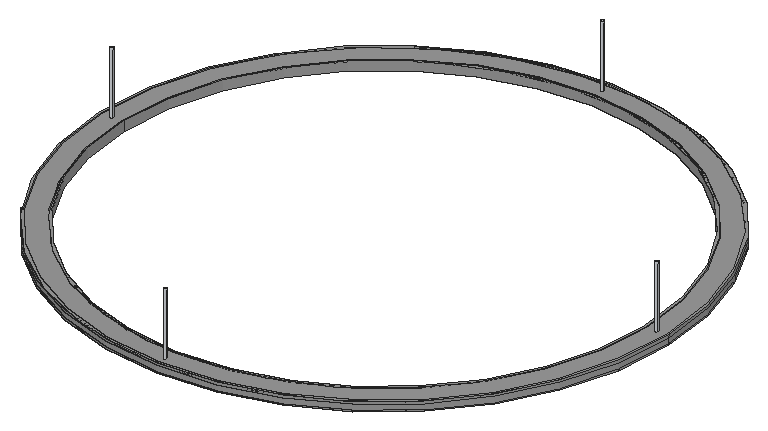
Revit family "MONALISA_2000MM_41_4000K", category Lighting Fixtures, host Ceiling, Revit 2021
Family settings
  Host = Ceiling
  Round Connector Dimension = Use Diameter
  Part Type = Normal
  OmniClass Number = 23.80.70.11
  OmniClass Title = Luminaries for Internal Lighting
  Always vertical = Yes
  Cut with Voids When Loaded = No
  Light Source = Yes
  Shared = No
  Room Calculation Point = No
Parameters (values of type "Type 1")
  Wattage = 75.3996 W
  built-in parameter 1150110 = 1 (stored number, unit not read)
  Type de lampe = "LED Samsung 2835 SMD"
  Type = "Suspension"
  built-in parameter 1114217 = 1 (stored number, unit not read)
  Tilt Angle = 90.00°
  built-in parameter 1150109 = 1 (stored number, unit not read)
  built-in parameter 1150134 = 12
  built-in parameter 1150113 = 1 (stored number, unit not read)
  SDCM = "<3"
  Puissance nominale = "140W"
  Photometric Web File = "google_eulumdat_converter (4).ies"
  Lumens = 11200 lm
  built-in parameter 1150115 = 1 (stored number, unit not read)
  built-in parameter 1150105 = 891.27 (stored number, unit not read)
  built-in parameter 1150137 = (empty or 0)
  built-in parameter 1150139 = (empty or 0)
  built-in parameter 1150112 = 1 (stored number, unit not read)
  built-in parameter 1150114 = 1 (stored number, unit not read)
  built-in parameter 1150132 = 2
  built-in parameter 1150102 = (empty or 0)
  built-in parameter 1150138 = (empty or 0)
  built-in parameter 1150107 = 4000 (stored number, unit not read)
  built-in parameter 1150106 = 8.9127 (stored number, unit not read)
  IRC = ">80"
  Fintion = "Gris aluminium - Diffuseur acrylique"
  Emit from Circle Diameter = 609.6 mm
  Emit Shape Visible in Rendering = no
  built-in parameter 1150104 = 13.8 (stored number, unit not read)
  Durée de vie = "50 000 heures"
  Driver = "Driver Osram"
  Dimming Lamp Color Temperature Shift = <None>
  Dimensions = "ø 1800 mm, H : 32 mm"
  Default Elevation = 0 mm
  Color Filter = 16777215
  built-in parameter 1114218 = 1 (stored number, unit not read)
  built-in parameter 1150133 = 10 (stored number, unit not read)
  Angle d'éclairage = "120°"
  Alimentation luminaire = "1050 mA x 4pcs / 30V"
  Alimentation Driver = "AC 220-240V"
Reference planes
  plane 1 "Light Source Axis (F/B)": y = 0
  plane 2: z = 0
  plane 3 "Light Source Axis (L/R)": x = 0
  plane 4 "Ceiling": z = 4000
  plane 5 "Light Source Elevation": z = 3762.902
Forms (mm)
  Extrusion 1, solid, material "Aluminum, Anodized grey"
    sketch origin (0, 0, 4000) x (0, 1, 0) y (-1, 0, 0)
      loop
        circle (0, 0) r 1000
      loop
        circle (0, 0) r 916.667
      loop
        circle (0, 0) r 922.759
      loop
        circle (0, 0) r 992.689
    from -250 to -218
  Extrusion 2, solid, material "Aluminum, Anodized grey"
    sketch origin (0, 0, 4000) x (0, 1, 0) y (-1, 0, 0)
      loop
        circle (0, 0) r 1000
      loop
        circle (0, 0) r 922.759
    from -225.222 to -218
  Extrusion 3, solid, material "Glass, White, High Luminance"
    sketch origin (0, 0, 3982.456) x (0, 1, 0) y (-1, 0, 0)
      loop
        circle (0, 0) r 1000
      loop
        circle (0, 0) r 922.759
    from -232.456 to -227.456
  Extrusion 4, solid
    sketch origin (1.545, 435.842, 4000) x (0, 1, 0) y (-1, 0, 0)
      loop
        circle (521.528, 1.237) r 5
    from -218 to 0
  Extrusion 5, solid
    sketch origin (-287.425, -286.139, 4000) x (0, 1, 0) y (-1, 0, 0)
      loop
        circle (287.038, 670.95) r 5
    from -218 to 0
  Extrusion 6, solid
    sketch origin (0.876, -1142.552, 4000) x (0, 1, 0) y (-1, 0, 0)
      loop
        circle (180.977, 1.722) r 5
    from -218 to 0
  Extrusion 7, solid
    sketch origin (629.58, -288.346, 4000) x (0, 1, 0) y (-1, 0, 0)
      loop
        circle (287.683, -328.319) r 5
    from -218 to 0
Lines and regions (mm)
  reference lines
    curve 1: line (0, 0, 4000) -> (300, 0, 4000)
    curve 2: line (300, 0, 4000) -> (275, 0, 4000)
    curve 3: line (0, 0, 3750) -> (0, 0, 3782)
    curve 4: line (0, 0, 4000) -> (400, 0, 4000)
    curve 5: line (0, 0, 4000) -> (500, 0, 4000)
    curve 6: line (0, 0, 4000) -> (600, 0, 4000)
    curve 7: line (0, 0, 4000) -> (750, 0, 4000)
    curve 8: line (0, 0, 4000) -> (900, 0, 4000)
    curve 9: line (0, 0, 4000) -> (1000, 0, 4000)
Dimensions and locks
  equal spacing: host sketch curve, plane 3 "Light Source Axis (L/R)", host sketch curve
  equal spacing: host sketch curve, plane 1 "Light Source Axis (F/B)", host sketch curve
  host sketch curve to host sketch curve = 4000 mm  (x2)
  plane 4 "Ceiling" to host ceiling = 0 mm
  aligned and locked: plane 1 "Light Source Axis (F/B)" to imposter light
  aligned and locked: plane 5 "Light Source Elevation" to imposter light
